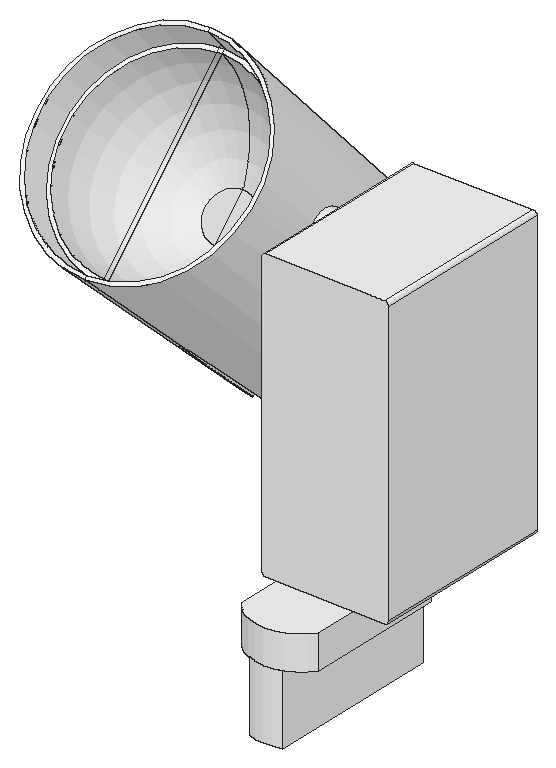
Revit family "0004828 Feilo Sylvania Lighting Fixture START TRACK SPOT S 24W 4K RA80 WB WHITE", category Lighting Fixtures, host Face, Revit 2017 (continued)
Definition of nested family "Start Track Spot Head"
  Types (96, lengths in mm): name | Wattage | built-in parameter 1150134 | Photometric Web File | Model | built-in parameter 1150105 | Lumens | built-in parameter 1150107 | built-in parameter 1150106 | HeadThickness_FEILO | HeadRibOffset_FEILO | HeadRibDepth_FEILO | HeadRibCutWidth_FEILO | HeadRibCutOffset_FEILO | HeadReflectorRadius_FEILO | HeadReflectorOffset_FEILO | HeadLEDRadius_FEILO | HeadHeight_FEILO | HeadDiffusorOffset_FEILO | HeadDiaOut_FEILO | HeadDiaIn_FEILO | HeadAxisFromTop_FEILO | Emit from Circle Diameter | built-in parameter 1150104 | Description | Apparent Load
    0004812 START TRACK SPOT S 14W 3K RA80 MB WHITE | 14 W | (empty or 0) | "0004812.ies" | "START TRACK SPOT S 14W 3K RA80 MB WHITE" | 120.32 (stored number, unit not read) | 1512 lm | 3000 (stored number, unit not read) | 1.2032 (stored number, unit not read) | 1.5 | 4.179 | 55.714 | 7.167 | 50.87 | 50.588 | 55.714 | 9.556 | 117 | 9.435 | 86 | 77.477 | 69.354 | 77.477 | 10.034 (stored number, unit not read) | "Integrated LED spotlight, Textured White - RAL9016, compact and minimalist design, ideal for retail applications, die-cast aluminium body, passive cooling heatsink. Beam angle: 36°, color temperature: 3000K , total system power: 14W, total fixture output: 1508 lm, LOR: 100%, colour rendering: Ra: 80 typical, LED Chromaticity: 3 step MacAdam ellipse, lifetime: >50000 hours at L70B50, energy class: A++, A+, A, IR/UV free light source without heat radiation, operating voltage: 220-240V / 50-60Hz, drive current: 350mA, electronic driver, non-dimmable, power factor: 0.92, electrical protection: Class II, Global Track 3 Phase adapter suitable for Global trac 3-circuit tracks, ingress protection rating: IP20, suitable for internal environment only, horizontal rotation: 355°, vertical tilt: 90°, dimensions: Ø86x140x200, weight: 0.940kg." | 14 VA
    0004811 START TRACK SPOT S 14W 3K RA80 NB WHITE | 14 W | (empty or 0) | "0004811.ies" | "START TRACK SPOT S 14W 3K RA80 NB WHITE" | 123.66 (stored number, unit not read) | 1554 lm | 3000 (stored number, unit not read) | 1.2366 (stored number, unit not read) | 1.5 | 4.179 | 55.714 | 7.167 | 50.87 | 50.588 | 55.714 | 9.556 | 117 | 9.435 | 86 | 77.477 | 69.354 | 77.477 | 10.312 (stored number, unit not read) | "Integrated LED spotlight, Textured White - RAL9016, compact and minimalist design, ideal for retail applications, die-cast aluminium body, passive cooling heatsink. Beam angle: 12°, color temperature: 3000K , total system power: 14W, total fixture output: 1551 lm, LOR: 100%, colour rendering: Ra: 80 typical, LED Chromaticity: 3 step MacAdam ellipse, lifetime: >50000 hours at L70B50, energy class: A++, A+, A, IR/UV free light source without heat radiation, operating voltage: 220-240V / 50-60Hz, drive current: 350mA, electronic driver, non-dimmable, power factor: 0.92, electrical protection: Class II, Global Track 3 Phase adapter suitable for Global trac 3-circuit tracks, ingress protection rating: IP20, suitable for internal environment only, horizontal rotation: 355°, vertical tilt: 90°, dimensions: Ø86x140x200, weight: 0.940kg." | 14 VA
  Reference planes
    plane 1 "Center (Front/Back)": y = 0
    plane 2: z = 0
    plane 3 "Center (Left/Right)": x = 0
    plane 4: x = 43
    plane 5: x = -43
    plane 6: x = -38.739
    plane 7: x = 38.739
    plane 8: z = 69.354
    plane 9: z = -47.646
    plane 10: x = -41.5
    plane 11: x = -37.239
    plane 12: z = -38.211
    plane 13: z = -35.211
    plane 14: z = 8.068
    plane 15: x = -9.556
    plane 16: x = -28.667
    plane 17: x = -19.111
    plane 18: x = -27.167
    plane 19: x = -17.611
    plane 20: x = -8.056
    plane 21: z = 13.64
    plane 22: x = -29.667
    plane 23: x = -26.167
    plane 24: x = -20.111
    plane 25: x = -16.611
    plane 26: x = -10.556
    plane 27: x = -7.056
    plane 28: x = -36.239
    plane 29: x = -40.5
    plane 30: z = 65.175
    plane 31: z = 60.997
    plane 32: z = 56.818
    plane 33: z = 18.484
    plane 34: y = -43
    plane 35: y = 43
    plane 36: y = 3.583
    plane 37: y = -3.583
    plane 38: y = -2.583
    plane 39: y = 2.583
    plane 40: y = 46
    plane 41: z = 13.5
    plane 42: z = -13.5
    plane 43: y = 39
    plane 44: x = 4.708
    plane 45: x = -2.458
    plane 46: x = -1.458
    plane 47: x = 1.458
  Forms (mm)
    Extrusion 1, solid
      sketch origin (4.2, 0, 0) x (1, 0, 0) y (0, 1, 0)
        loop
          line (-1219.2, 1219.2) -> (-1219.2, -1219.2) -> (1219.2, -1219.2) -> (1219.2, 1219.2) -> (-1219.2, 1219.2)
      from 0 to -68.017
    Revolve 2, solid, material <- "Material_1_FEILO", detail levels medium+fine
      sketch origin (0, 0, 0) x (1, 0, 0) y (0, 0, 1)
        loop
          line (-43, -47.646) -> (-41.5, -47.646) -> (-40.5, -35.211) -> (-38.739, -35.211)
          arc (-38.739, -35.211) -> (-30.16, -9.517) -> (-9.556, 8.068) r 50.588
          line (-9.556, 8.068) -> (0, 8.068) -> (0, 13.64) -> (-16.611, 13.64) -> (-17.611, 60.997) -> (-19.111, 60.997) -> (-20.111, 13.64) -> (-36.239, 13.64) -> (-37.239, 69.354) -> (-38.739, 69.354) -> (-43, -47.646)
        axis (0, 69.354) -> (0, -47.646)
      angle from 360 to 0
    Extrusion 3, void
      sketch origin (0, 0, 0) x (0, 1, 0) y (0, 0, 1)
        loop
          line (-3.583, 69.354) -> (-2.583, 18.484) -> (1.932, 18.484) -> (2.932, 69.354) -> (-3.583, 69.354)
      from 43 to -43
    Revolve 4, solid, material <- "Material_2_FEILO", detail levels medium+fine
      sketch origin (0, 0, 0) x (1, 0, 0) y (0, 0, 1)
        loop
          line (-41.5, -38.211) -> (0, -38.211) -> (0, -35.211) -> (-41.5, -35.211) -> (-41.5, -38.211)
        axis (0, -35.211) -> (0, -38.211)
      angle from 360 to 0
    Revolve 5, solid, material <- "Material_1_FEILO"
      sketch origin (0, 0, 0) x (0, 1, 0) y (0, 0, 1)
        loop
          line (46, 0) -> (39, 0) -> (39, -13.5) -> (46, -13.5) -> (46, 0)
        axis (39, 0) -> (46, 0)
      angle from 360 to 0
    Revolve 6, solid, material <- "Material_1_FEILO", detail levels medium+fine
      sketch origin (0, 0, 0) x (1, 0, 0) y (0, 0, 1)
        loop
          line (-29.667, 13.64) -> (-26.167, 13.64) -> (-27.167, 65.175) -> (-28.667, 65.175) -> (-29.667, 13.64)
        loop
          line (-10.556, 13.64) -> (-7.056, 13.64) -> (-7.833, 56.818) -> (-9.778, 56.818) -> (-10.556, 13.64)
        axis (0, 65.175) -> (0, 13.64)
      angle from 360 to 0
    Extrusion 7, void
      sketch origin (0, 0, 0) x (1, 0, 0) y (0, 0, 1)
        loop
          line (4.708, 69.354) -> (-2.458, 69.354) -> (-1.458, 13.64) -> (1.458, 13.64) -> (4.708, 69.354)
      from -43 to 43
    Revolve 8, solid, material <- "Material_1_FEILO", detail levels coarse
      sketch origin (0, 0, 0) x (1, 0, 0) y (0, 0, 1)
        loop
          line (0, 69.354) -> (-38.739, 69.354) -> (-43, -47.646) -> (-41.5, -47.646) -> (-40.731, -38.211) -> (0, -38.211) -> (0, 69.354)
        axis (0, 69.354) -> (0, -47.646)
      angle from 360 to 0
  Cuts and joins
    Extrusion 3 cuts Revolve 2
    Extrusion 7 cuts Revolve 6
  Dimensions and locks
    equal spacing: plane 7, plane 3 "Center (Left/Right)", plane 6
    equal spacing: plane 4, plane 3 "Center (Left/Right)", plane 5
    "HeadDiaOut_FEILO": plane 4 to plane 5
    "HeadDiaIn_FEILO": plane 7 to plane 6
    "HeadHeight_FEILO": plane 8 to plane 9
    "HeadThickness_FEILO": plane 10 to plane 5
    "HeadThickness_FEILO": plane 11 to plane 6
    "HeadDiffusorOffset_FEILO": plane 12 to plane 9
    "HeadDiffusorThickness_FEILO": plane 13 to plane 12
    "HeadReflectorOffset_FEILO": plane 14 to plane 9
    "HeadLEDRadius_FEILO": plane 3 "Center (Left/Right)" to plane 15
    "HeadLEDRadius_FEILO": plane 15 to plane 17
    "HeadLEDRadius_FEILO": plane 17 to plane 16
    "HeadThickness_FEILO": plane 18 to plane 16
    "HeadThickness_FEILO": plane 19 to plane 17
    "HeadThickness_FEILO": plane 20 to plane 15
    "HeadRibDepth_FEILO": plane 8 to plane 21
    "HeadDraft_FEILO": plane 16 to plane 22
    "HeadDraft_FEILO": plane 23 to plane 18
    "HeadDraft_FEILO": plane 17 to plane 24
    "HeadDraft_FEILO": plane 25 to plane 19
    "HeadDraft_FEILO": plane 15 to plane 26
    "HeadDraft_FEILO": plane 27 to plane 20
    "HeadDraft_FEILO": plane 29 to plane 10
    "HeadDraft_FEILO": plane 28 to plane 11
    "HeadRibOffset_FEILO": plane 8 to plane 30
    "HeadRibOffset_FEILO": plane 30 to plane 31
    "HeadRibOffset_FEILO": plane 31 to plane 32
    "HeadAxisFromTop_FEILO": plane 8 to plane 2
    "HeadRibCutOffset_FEILO": plane 8 to plane 33
    equal spacing: plane 34, plane 1 "Center (Front/Back)", plane 35
    "HeadDiaOut_FEILO": plane 34 to plane 35
    equal spacing: plane 38, plane 1 "Center (Front/Back)", plane 39
    equal spacing: plane 37, plane 1 "Center (Front/Back)", plane 36
    "HeadRibCutWidth_FEILO": plane 37 to plane 36
    "HeadDraft_FEILO": plane 37 to plane 38
    locked: plane 35 to plane 40 at 3
    equal spacing: plane 41, plane 2, plane 42
    locked: plane 42 to plane 41 at 27
    locked: plane 43 to plane 35 at 4
    equal spacing: plane 45, imposter light, plane 44
    "HeadDraft_FEILO": plane 46 to plane 45
    "HeadRibCutWidth_FEILO": plane 44 to plane 45
    equal spacing: plane 47, plane 3 "Center (Left/Right)", plane 46
    "HeadReflectorRadius_FEILO": radius of Revolve 2 sketch curve
    aligned and locked: plane 2 to Extrusion 1
    aligned and locked: level to Extrusion 1
    aligned and locked: Revolve 2 sketch curve to plane 3 "Center (Left/Right)"  (x2)
    aligned and locked: plane 9 to Revolve 2 sketch curve  (x2)
    aligned and locked: plane 5 to Revolve 2 sketch curve
    aligned and locked: plane 10 to Revolve 2 sketch curve
    aligned and locked: plane 14 to Revolve 2 sketch curve
    aligned and locked: plane 8 to Revolve 2 sketch curve
    aligned and locked: Revolve 2 sketch curve to plane 13
    aligned and locked: plane 12 to Revolve 4 sketch curve
    aligned and locked: plane 3 "Center (Left/Right)" to Revolve 4 sketch curve
    aligned and locked: Revolve 4 sketch curve to plane 10
    aligned and locked: Revolve 4 sketch curve to plane 3 "Center (Left/Right)"
    aligned and locked: plane 12 to imposter light
    aligned and locked: imposter light to plane 1 "Center (Front/Back)"
    aligned and locked: Revolve 5 sketch curve to plane 2
    aligned and locked: plane 43 to Revolve 5 sketch curve
    aligned and locked: plane 42 to Revolve 5 sketch curve
    aligned and locked: Revolve 6 sketch curve to plane 3 "Center (Left/Right)"
    aligned and locked: plane 22 to Revolve 6 sketch curve
    aligned and locked: plane 30 to Revolve 6 sketch curve
    aligned and locked: plane 23 to Revolve 6 sketch curve
    aligned and locked: Revolve 6 sketch curve to plane 21  (x2)
    aligned and locked: plane 21 to Revolve 6 sketch curve
    aligned and locked: plane 17 to Revolve 2 sketch curve
    aligned and locked: plane 19 to Revolve 2 sketch curve
    aligned and locked: plane 31 to Revolve 2 sketch curve
    aligned and locked: plane 21 to Revolve 2 sketch curve
    aligned and locked: Extrusion 3 to plane 8
    aligned and locked: plane 33 to Extrusion 3
    aligned and locked: plane 8 to Extrusion 3 sketch curve
    aligned and locked: Extrusion 3 sketch curve to plane 33
    aligned and locked: Extrusion 3 to plane 5
    aligned and locked: plane 4 to Extrusion 3
    aligned and locked: plane 32 to Revolve 6 sketch curve
    aligned and locked: plane 44 to Extrusion 7 sketch curve
    aligned and locked: Extrusion 7 sketch curve to plane 8
    aligned and locked: plane 46 to Extrusion 7 sketch curve
    aligned and locked: plane 21 to Extrusion 7 sketch curve
    aligned and locked: plane 34 to Extrusion 7
    aligned and locked: Extrusion 7 to plane 35
    aligned and locked: Revolve 4 sketch curve to plane 13
    aligned and locked: Revolve 5 sketch curve to plane 40
    aligned and locked: Revolve 8 sketch curve to plane 3 "Center (Left/Right)"
    aligned and locked: Revolve 8 sketch curve to cut or joined group of Revolve 2, Extrusion 3  (x3)
    aligned and locked: plane 5 to Revolve 8 sketch curve
    aligned and locked: plane 3 "Center (Left/Right)" to Revolve 8 sketch curve
    aligned and locked: plane 12 to Revolve 8 sketch curve
  Automatic sketch dimensions
    Extrusion 1 sketch curve to Extrusion 1 sketch curve = 2438.4 mm  (x2)
    Extrusion 3 sketch curve to plane 37 = 0 mm
    Extrusion 3 sketch curve to plane 38 = 0 mm
    plane 39 to Extrusion 3 sketch curve = 0.651 mm
    Extrusion 3 sketch curve to plane 39 = 0.349 mm
    Revolve 6 sketch curve to plane 16 = 0 mm
    Revolve 6 sketch curve to plane 18 = 0 mm
    Revolve 6 sketch curve to plane 26 = 0 mm
    Revolve 6 sketch curve to plane 27 = 0 mm
    Revolve 6 sketch curve to plane 15 = 0.222 mm
    plane 9 to Revolve 6 sketch curve = 559.103 mm
    Revolve 6 sketch curve to plane 8 = 2535.555 mm
    plane 20 to Revolve 6 sketch curve = 0.222 mm
    Revolve 2 sketch curve to plane 29 = 0 mm
    Revolve 2 sketch curve to plane 6 = 0 mm  (x2)
    Revolve 2 sketch curve to plane 11 = 0 mm
    Revolve 2 sketch curve to plane 21 = 0 mm
    Revolve 2 sketch curve to plane 28 = 0 mm
    Revolve 2 sketch curve to plane 24 = 0 mm
    Revolve 2 sketch curve to plane 25 = 0 mm
    Revolve 2 sketch curve to plane 15 = 0 mm
    Revolve 2 sketch curve to Revolve 2 sketch curve = 557.155 mm
    Revolve 2 sketch curve to plane 8 = 2535.558 mm
    Extrusion 7 sketch curve to plane 45 = 0 mm
    Extrusion 7 sketch curve to plane 47 = 0 mm
    plane 9 to Revolve 4 sketch curve = 559.103 mm
    Revolve 4 sketch curve to plane 8 = 2535.555 mm
    Revolve 5 sketch curve to level = 0 mm
    plane 34 to Revolve 5 sketch curve = 1968.092 mm
    Revolve 5 sketch curve to plane 40 = 1405.763 mm
    Revolve 8 sketch curve to plane 6 = 0 mm
    Revolve 8 sketch curve to plane 29 = 0.231 mm
    plane 9 to Revolve 8 sketch curve = 559.103 mm
    Revolve 8 sketch curve to Revolve 8 sketch curve = 2535.555 mm
Definition of nested family "Start Track Spot Box"
  Parameters (values of type "Type Large White")
    URL = "http://www.feilosylvania.com"
    Type Image = (empty or 0)
    Type Comments = "n/a"
    Small_FEILO = no
    Material_3_FEILO = none
    Model = ""
    Manufacturer = "Feilo Sylvania"
    Keynote = ""
    Material_2_FEILO = none
    Description = ""
    Default Elevation = 1219.2 mm
    Cost = 0
    Material_1_FEILO = none
    BoxWidth_FEILO = 49 mm
    BoxStartAngle_FEILO [instance] = 0.00°
    BoxRadius_FEILO = 1.5 mm
    BoxHeight_FEILO = if(Small_FEILO, 112 mm, 136 mm)  # 136 mm
    BoxEndAngle_FEILO [instance] = BoxStartAngle_FEILO - 180.00°  # -180.00°
    BoxDepth_FEILO = if(Small_FEILO, 71.5 mm, 79 mm)  # 79 mm
    BoxAxisVerticalOffset_FEILO = 16 mm
    BoxAxisOffset_FEILO = BoxHeight_FEILO / 6.8  # 20 mm
    Assembly Code = ""
    Material_4_FEILO = none
  Types (4, lengths in mm): name | Small_FEILO | BoxHeight_FEILO | BoxDepth_FEILO | BoxAxisOffset_FEILO
    Type Large White | no | 136 | 79 | 20
    Type Small White | yes | 112 | 71.5 | 16.471
    Type Small Black | yes | 112 | 71.5 | 16.471
    Type Large Black | no | 136 | 79 | 20
  Reference planes
    plane 1 "Center (Front/Back)": y = 0
    plane 2: z = 0
    plane 3 "Center (Left/Right)": x = 0
    plane 4: x = 24.5
    plane 5: x = -24.5
    plane 6: y = 68
    plane 7: y = -68
    plane 8: z = 39.5
    plane 9: z = -39.5
    plane 10: y = -48
    plane 11: x = 30.5
    plane 12: x = 8.5
    plane 13: x = 21.5
    plane 14: y = 70
    plane 15: y = 72
    plane 16: x = 19.5
  Forms (mm)
    Extrusion 1, solid
      sketch origin (4.2, 0, 0) x (1, 0, 0) y (0, 1, 0)
        loop
          line (-1219.2, 1219.2) -> (-1219.2, -1219.2) -> (1219.2, -1219.2) -> (1219.2, 1219.2) -> (-1219.2, 1219.2)
      from 0 to -68.017
    Extrusion 2, solid, material <- "Material_1_FEILO"
      sketch origin (0, 0, 0) x (1, 0, 0) y (0, 1, 0)
        loop
          arc (-23, 68) -> (-24.061, 67.561) -> (-24.5, 66.5) r 1.5
          line (-24.5, 66.5) -> (-24.5, -66.5)
          arc (-24.5, -66.5) -> (-24.061, -67.561) -> (-23, -68) r 1.5
          line (-23, -68) -> (23, -68)
          arc (23, -68) -> (24.061, -67.561) -> (24.5, -66.5) r 1.5
          line (24.5, -66.5) -> (24.5, 66.5)
          arc (24.5, 66.5) -> (24.061, 67.561) -> (23, 68) r 1.5
          line (23, 68) -> (-23, 68)
      from -39.5 to 39.5
    Revolve 3, solid, not visible
      sketch origin (0, 0, 0) x (1, 0, 0) y (0, 1, 0)
        loop
          line (30.5, -48) -> (24.5, -48) -> (24.5, -68) -> (30.5, -68) -> (30.5, -48)
        axis (30.5, -48) -> (24.5, -48)
      angle from 0 <- "BoxStartAngle_FEILO" to -180 <- "BoxEndAngle_FEILO"
    Revolve 4, solid, material <- "Material_2_FEILO"
      sketch origin (0, 0, 0) x (1, 0, 0) y (0, 1, 0)
        loop
          line (8.5, 68) -> (19.5, 68) -> (19.5, 70) -> (21.5, 70) -> (21.5, 72) -> (8.5, 72) -> (8.5, 68)
        axis (8.5, 72) -> (8.5, 68)
      angle from 360 to 0
  Dimensions and locks
    equal spacing: plane 5, plane 3 "Center (Left/Right)", plane 4
    "BoxWidth_FEILO": plane 5 to plane 4
    equal spacing: plane 7, plane 1 "Center (Front/Back)", plane 6
    "BoxHeight_FEILO": plane 7 to plane 6
    equal spacing: plane 8, plane 2, plane 9
    "BoxDepth_FEILO": plane 8 to plane 9
    "BoxAxisOffset_FEILO": plane 7 to plane 10
    locked: plane 4 to plane 11 at 6
    "BoxAxisVerticalOffset_FEILO": plane 12 to plane 4
    locked: plane 12 to plane 13 at 13
    plane 6 to plane 14 to plane 15 = 2 mm locked, 2 mm locked
    locked: plane 12 to plane 16 at 11
    "BoxRadius_FEILO": radius of Extrusion 2 sketch curve  (x4)
    aligned and locked: plane 2 to Extrusion 1
    aligned and locked: level to Extrusion 1
    aligned and locked: plane 6 to Extrusion 2 sketch curve
    aligned and locked: plane 5 to Extrusion 2 sketch curve
    aligned and locked: Extrusion 2 sketch curve to plane 7
    aligned and locked: Extrusion 2 sketch curve to plane 4
    aligned and locked: Extrusion 2 to plane 8
    aligned and locked: plane 9 to Extrusion 2
    aligned and locked: Revolve 3 sketch curve to plane 10  (x2)
    aligned and locked: plane 11 to Revolve 3 sketch curve
    aligned and locked: Revolve 3 sketch curve to plane 4
    aligned and locked: plane 7 to Revolve 3 sketch curve
    aligned and locked: Revolve 4 sketch curve to plane 12
    aligned and locked: plane 6 to Revolve 4 sketch curve
    aligned and locked: plane 12 to Revolve 4 sketch curve
    aligned and locked: plane 15 to Revolve 4 sketch curve
    aligned and locked: Revolve 4 sketch curve to plane 13
    aligned and locked: Revolve 4 sketch curve to plane 14
    aligned and locked: Revolve 4 sketch curve to plane 16
    aligned and locked: Revolve 4 sketch curve to plane 6
  Automatic sketch dimensions
    Extrusion 1 sketch curve to Extrusion 1 sketch curve = 2438.4 mm  (x2)
    Revolve 3 sketch curve to plane 5 = 1499.5 mm
    plane 11 to Revolve 3 sketch curve = 1493.5 mm
    plane 15 to Revolve 4 sketch curve = 0 mm
    plane 7 to Revolve 4 sketch curve = 1456 mm
    Revolve 4 sketch curve to plane 15 = 1452 mm
